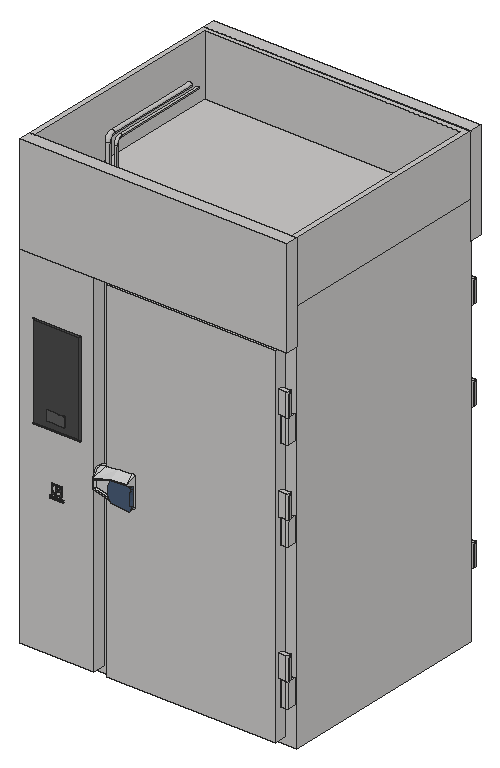
Revit family "QF_ELECTROLUXPROFESSIONAL_727746_EBFB22RPE", category Specialty Equipment, Revit 2018
Family settings
  Round Connector Dimension = Use Radius
  Part Type = Normal
  Work Plane-Based = No
  Always vertical = Yes
  Cut with Voids When Loaded = No
  Shared = Yes
  Room Calculation Point = No
Parameters
  Weight = 0.00 kg
  Watts = 0 W
  Volts = 380 V
  URL Manufacturer = "http://professional.electrolux.com"
  URL = "http://professional.electrolux.com"
  Steam Supply Size = 0"
  Steam Supply Minimum Pressure = 0.00 psi
  Steam Supply Maximum Pressure = 0.00 psi
  Steam Pounds per Hour = 0
  Show Logo [instance] = yes
  Refrigeration Suction Line Size = 0"
  Refrigeration Liquid Line Size = 0"
  Refrigerant Compressor Remote = yes
  Phase = 3
  Model = "EBFB22RPE"
  Manufacturer = "Electrolux"
  Length Actual = 1400 mm  # constant formula
  Item Number = "727746"
  Hot Water Size = 0"
  Height Actual = 2270 mm  # constant formula
  HP = "8.6 HP"
  Gas Size = 0"
  Gas KW = 0
  Gas Input Pressure = 0.0 Btu/h
  Direct Waste Size = 3/4"
  Description = "SKYLINE CHILLS BLAST CHILLER FREEZER 200/170KG 20 GN 2/1 - PASS-THROUGH - REMOTE REFRIGERATING UNIT - R407A"
  Depth Actual = 1395 mm  # constant formula
  Cycle = 60 Hz
  Condensate Return Size = 0"
  Compressed Air Volume = 0 GPM
  Compressed Air Size = 0"
  Compressed Air Pressure = 0.00 psi
  Cold Water Size = 0"
  Assembly Code = ""
  Show Clearance [instance] = yes
  Accessory = yes
Reference planes
  plane 1: z = 0
  plane 2 "LEFT": x = 0
  plane 3 "RIGHT": x = 1400
  plane 4 "FRONT": y = -1205
  plane 5 "TOP": z = 2400
  plane 6 "Center Y": x = 700
  plane 7: y = -2155
  plane 8 "BACK": y = 67
  plane 9: y = -569
Forms (mm)
  Extrusion 1, solid, material "QF_Clearance", visible <- "Show Clearance", detail levels coarse
    sketch origin (0, 0, -70) x (1, 0, 0) y (0, 1, 0)
      loop
        line (0, -1205) -> (0, 67) -> (-100, 67) -> (-100, -1205) -> (0, -1205)
      loop
        line (1500, -1205) -> (1500, 67) -> (1400, 67) -> (1400, -1205) -> (1500, -1205)
    from 70 to 2670
  Extrusion 2, solid, material "QF_Finishes_Stainless Steel"
    sketch origin (349.253, 33, 630.991) x (-1, 0, 0) y (0, -1, 0)
      loop
        line (349.253, 1172.759) -> (349.253, 1238) -> (-39.747, 1238) -> (-39.747, 1172.759) -> (349.253, 1172.759)
    from -597 to 1254
  Extrusion 3, solid, material "QF_Finishes_Stainless Steel"
    sketch origin (596.16, 27.971, -70) x (1, 0, 0) y (0, 1, 0)
      loop
        line (743.84, -1172.971) -> (-141.16, -1172.971) -> (-141.16, -1232.971) -> (743.84, -1232.971) -> (743.84, -1172.971)
    from 103.991 to 1945.25
  Extrusion 4, solid, material "QF_Door-Drawer Clearances", visible <- "Show Clearance", detail levels coarse
    sketch origin (875, -72.029, -91.802) x (-1, 0, 0) y (0, -1, 0)
      loop
        line (-465, 2025.971) -> (-465, 1132.971) -> (420, 1132.971)
        arc (420, 1132.971) -> (153.836, 1754.227) -> (-465, 2025.971) r 920
    from 125.793 to 1967.052
  Extrusion 5, solid, material "QF_Finishes_Stainless Steel"
    sketch origin (0, -1139.759, 0) x (0, 1, 0) y (-1, 0, 0)
      loop
        line (1140.759, 0) -> (0.759, 0) -> (0.759, -1400) -> (1140.759, -1400) -> (1140.759, 0)
    from 0 to 2080
  Extrusion 6, solid, material "QF_Finishes_Stainless Steel"
    sketch origin (0, 0, -70) x (0, 1, 0) y (0, 0, 1)
      loop
        line (-1139, 2470) -> (-1205, 2470) -> (-1205, 1956) -> (-1139, 1956) -> (-1139, 2470)
    from 0 to 1400
  Extrusion 7, solid, material "QF_Finishes_Stainless Steel"
    sketch origin (0, -1139.759, 2080) x (0, 1, 0) y (-1, 0, 0)
      loop
        line (1140.759, 0) -> (0.759, 0) -> (0.759, -27.807) -> (1112.952, -27.807) -> (1112.952, -1372.193) -> (0.759, -1372.193) -> (0.759, -1400) -> (1140.759, -1400) -> (1140.759, 0)
    from 0 to 320
  Extrusion 8, solid, material "QF_Clearance", visible <- "Show Clearance", detail levels coarse
    sketch origin (0, 0, 2400) x (-1, 0, 0) y (0, -1, 0)
      loop
        line (0, 1205) -> (-1400, 1205) -> (-1400, -67.029) -> (0, -67.029) -> (0, 1205)
    from 0 to 200
  Extrusion 9, solid, material "QF_Finishes_Stainless Steel"
    sketch origin (-390.239, -0.977, 1172.559) x (1, 0, 0) y (0, 1, 0)
      loop
        line (1730.239, -1159.557) -> (1730.239, -1186.759) -> (1771.078, -1186.759)
        arc (1771.078, -1186.759) -> (1778.149, -1183.83) -> (1781.078, -1176.759) r 10
        line (1781.078, -1176.759) -> (1781.078, -1169.557)
        arc (1781.078, -1169.557) -> (1778.149, -1162.486) -> (1771.078, -1159.557) r 10
        line (1771.078, -1159.557) -> (1730.239, -1159.557)
    from 398 to 516
  Extrusion 10, solid, material "QF_Finishes_Stainless Steel"
    sketch origin (-388.989, -0.977, 1172.559) x (1, 0, 0) y (0, 1, 0)
      loop
        line (1779.828, -1138.023) -> (1738.215, -1138.023) -> (1738.215, -1176.759)
        arc (1738.215, -1176.759) -> (1741.143, -1183.83) -> (1748.215, -1186.759) r 10
        line (1748.215, -1186.759) -> (1769.828, -1186.759)
        arc (1769.828, -1186.759) -> (1776.899, -1183.83) -> (1779.828, -1176.759) r 10
        line (1779.828, -1176.759) -> (1779.828, -1138.023)
    from 269 to 396
  Extrusion 11, solid, material "QF_Finishes_Handrails and Railings"
    sketch origin (0, -1205, -139.705) x (-1, 0, 0) y (0, 0, 1)
      loop
        arc (-455, 1022.346) -> (-433.392, 1027.289) -> (-413, 1035.976) r 124.815
        arc (-413, 1035.976) -> (-402.037, 1046.425) -> (-398, 1061.023) r 28.412
        line (-398, 1061.023) -> (-398, 1124.287)
        arc (-398, 1124.287) -> (-402.037, 1138.885) -> (-413, 1149.334) r 28.412
        arc (-413, 1149.334) -> (-433.392, 1158.021) -> (-455, 1162.964) r 124.815
        line (-455, 1162.964) -> (-455, 1022.346)
    from 0 to 25
  Extrusion 12, solid, material "QF_Finishes_Stainless Steel"
    sketch origin (0, 67, 2400) x (0, 0, -1) y (-1, 0, 0)
      loop
        circle (190.294, -50.191) r 10
    from -2 to 0
  Extrusion 13, solid
    sketch origin (0, 0, -70) x (1, 0, 0) y (0, 1, 0)
      loop
        circle (271, -895) r 12.7
    from 180 to 190
  Sweep 14, solid, material "QF_Finishes_Stainless Steel"
    path in 3D
      loop
        line (196, -872.727, 2090) -> (196, -872.727, 2314.785)
        arc (196, -872.727, 2314.785) -> (196, -863.94, 2335.999) -> (196, -842.727, 2344.785) r 30
        line (196, -842.727, 2344.785) -> (196, -337, 2344.785)
    profile origin (196, -589.864, 2344.785) x (-1, 0, 0) y (0, 0, 1)
      loop
        circle (0, -0.785) r 11
  Sweep 15, solid, material "QF_Finishes_Stainless Steel"
    path in 3D
      loop
        line (239, -337, 2344) -> (239, -842.727, 2344)
        arc (239, -842.727, 2344) -> (239, -863.94, 2335.213) -> (239, -872.727, 2314) r 30
        line (239, -872.727, 2314) -> (239, -872.727, 2090)
    profile origin (239, -589.864, 2344) x (1, 0, 0) y (0, 0, 1)
      loop
        circle (0, 0) r 6
  Extrusion 16, solid, material "QF_Finishes_Stainless Steel"
    sketch origin (0, -1139.759, 2080) x (0, 1, 0) y (-1, 0, 0)
      loop
        line (272.791, -163.68) -> (262.791, -163.68)
        arc (262.791, -163.68) -> (252.185, -168.074) -> (247.791, -178.68) r 15
        line (247.791, -178.68) -> (247.791, -270.358)
        arc (247.791, -270.358) -> (252.185, -280.965) -> (262.791, -285.358) r 15
        line (262.791, -285.358) -> (272.791, -285.358)
        arc (272.791, -285.358) -> (283.398, -280.965) -> (287.791, -270.358) r 15
        line (287.791, -270.358) -> (287.791, -178.68)
        arc (287.791, -178.68) -> (283.398, -168.074) -> (272.791, -163.68) r 15
    from 0 to 10
  Blend 17, solid, material "QF_Finishes_Handrails and Railings"
    base sketch origin (0, -1205, -139.705) x (1, 0, 0) y (0, 0, 1)
      loop
        arc (455, 1162.964) -> (433.392, 1158.021) -> (413, 1149.334) r 124.815
        arc (413, 1149.334) -> (402.037, 1138.885) -> (398, 1124.287) r 28.412
        line (398, 1124.287) -> (398, 1061.023)
        arc (398, 1061.023) -> (402.037, 1046.425) -> (413, 1035.976) r 28.412
        arc (413, 1035.976) -> (433.392, 1027.289) -> (455, 1022.346) r 124.815
        arc (455, 1022.346) -> (524.77, 1014.896) -> (594.859, 1011.587) r 1185.63
        arc (594.859, 1011.587) -> (600.607, 1013.879) -> (603, 1019.586) r 8
        line (603, 1019.586) -> (603, 1165.724)
        arc (603, 1165.724) -> (600.607, 1171.431) -> (594.859, 1173.723) r 8
        arc (594.859, 1173.723) -> (524.77, 1170.414) -> (455, 1162.964) r 1185.63
    top sketch origin (0, -1205, -139.705) x (1, 0, 0) y (0, 0, 1)
      loop
        line (421, 1108.337) -> (421, 1076.973)
        arc (421, 1076.973) -> (423.295, 1069.915) -> (429.302, 1065.557) r 12
        arc (429.302, 1065.557) -> (515.086, 1044.22) -> (603, 1034.974) r 636.459
        line (603, 1034.974) -> (603, 1150.336)
        arc (603, 1150.336) -> (515.086, 1141.09) -> (429.302, 1119.753) r 636.459
        arc (429.302, 1119.753) -> (423.295, 1115.395) -> (421, 1108.337) r 12
    from 0 to 50
  Blend 18, void
    base sketch origin (0, -1255, -139.705) x (-1, 0, 0) y (0, 0, 1)
      loop
        arc (-430.843, 1114.996) -> (-515.866, 1136.151) -> (-603, 1145.333) r 631.459
        line (-603, 1145.333) -> (-603, 1039.977)
        arc (-603, 1039.977) -> (-515.866, 1049.159) -> (-430.843, 1070.314) r 631.459
        arc (-430.843, 1070.314) -> (-427.339, 1072.856) -> (-426, 1076.973) r 7
        line (-426, 1076.973) -> (-426, 1108.337)
        arc (-426, 1108.337) -> (-427.339, 1112.454) -> (-430.843, 1114.996) r 7
    top sketch origin (0, -1255, -139.705) x (-1, 0, 0) y (0, 0, 1)
      loop
        arc (-432.384, 1110.24) -> (-516.647, 1131.211) -> (-603, 1140.33) r 626.459
        line (-603, 1140.33) -> (-603, 1044.98)
        arc (-603, 1044.98) -> (-516.647, 1054.099) -> (-432.384, 1075.07) r 626.459
        arc (-432.384, 1075.07) -> (-431.382, 1075.797) -> (-431, 1076.973) r 2
        line (-431, 1076.973) -> (-431, 1108.337)
        arc (-431, 1108.337) -> (-431.382, 1109.513) -> (-432.384, 1110.24) r 2
    from 0 to 10
  Blend 19, solid, material "QF_Finishes_Electrolux_Blue"
    base sketch origin (0, -1245, -139.705) x (1, 0, 0) y (0, 0, 1)
      loop
        arc (628.567, 1043.419) -> (622.014, 1092.655) -> (628.567, 1141.89) r 188.232
        arc (628.567, 1141.89) -> (627.358, 1147.991) -> (621.77, 1150.721) r 7
        arc (621.77, 1150.721) -> (572.304, 1148.509) -> (523.16, 1142.458) r 636.459
        arc (523.16, 1142.458) -> (507.711, 1092.655) -> (523.16, 1042.852) r 88
        arc (523.16, 1042.852) -> (572.304, 1036.801) -> (621.77, 1034.589) r 636.459
        arc (621.77, 1034.589) -> (627.358, 1037.319) -> (628.567, 1043.419) r 7
    top sketch origin (0, -1245, -139.705) x (1, 0, 0) y (0, 0, 1)
      loop
        arc (626.748, 1050.703) -> (622.014, 1092.655) -> (626.748, 1134.607) r 188.232
        arc (626.748, 1134.607) -> (625.775, 1138.85) -> (621.845, 1140.722) r 5
        arc (621.845, 1140.722) -> (569.023, 1138.185) -> (516.603, 1131.203) r 626.459
        arc (516.603, 1131.203) -> (507.711, 1092.655) -> (516.603, 1054.107) r 88
        arc (516.603, 1054.107) -> (569.023, 1047.124) -> (621.845, 1044.588) r 626.459
        arc (621.845, 1044.588) -> (625.775, 1046.46) -> (626.748, 1050.703) r 5
    from 20 to 0
  Extrusion 20, solid, material "QF_Finishes_Stainless Steel"
    sketch origin (-390.239, -0.977, 692.559) x (1, 0, 0) y (0, 1, 0)
      loop
        line (1730.239, -1159.557) -> (1730.239, -1186.759) -> (1771.078, -1186.759)
        arc (1771.078, -1186.759) -> (1778.149, -1183.83) -> (1781.078, -1176.759) r 10
        line (1781.078, -1176.759) -> (1781.078, -1169.557)
        arc (1781.078, -1169.557) -> (1778.149, -1162.486) -> (1771.078, -1159.557) r 10
        line (1771.078, -1159.557) -> (1730.239, -1159.557)
    from 398 to 516
  Extrusion 21, solid, material "QF_Finishes_Stainless Steel"
    sketch origin (-388.989, -0.977, 692.559) x (1, 0, 0) y (0, 1, 0)
      loop
        line (1779.828, -1138.023) -> (1738.215, -1138.023) -> (1738.215, -1176.759)
        arc (1738.215, -1176.759) -> (1741.143, -1183.83) -> (1748.215, -1186.759) r 10
        line (1748.215, -1186.759) -> (1769.828, -1186.759)
        arc (1769.828, -1186.759) -> (1776.899, -1183.83) -> (1779.828, -1176.759) r 10
        line (1779.828, -1176.759) -> (1779.828, -1138.023)
    from 269 to 396
  Extrusion 22, solid, material "QF_Finishes_Stainless Steel"
    sketch origin (-390.239, -0.977, -67.441) x (1, 0, 0) y (0, 1, 0)
      loop
        line (1730.239, -1159.557) -> (1730.239, -1186.759) -> (1771.078, -1186.759)
        arc (1771.078, -1186.759) -> (1778.149, -1183.83) -> (1781.078, -1176.759) r 10
        line (1781.078, -1176.759) -> (1781.078, -1169.557)
        arc (1781.078, -1169.557) -> (1778.149, -1162.486) -> (1771.078, -1159.557) r 10
        line (1771.078, -1159.557) -> (1730.239, -1159.557)
    from 398 to 516
  Extrusion 23, solid, material "QF_Finishes_Stainless Steel"
    sketch origin (-388.989, -0.977, -67.441) x (1, 0, 0) y (0, 1, 0)
      loop
        line (1779.828, -1138.023) -> (1738.215, -1138.023) -> (1738.215, -1176.759)
        arc (1738.215, -1176.759) -> (1741.143, -1183.83) -> (1748.215, -1186.759) r 10
        line (1748.215, -1186.759) -> (1769.828, -1186.759)
        arc (1769.828, -1186.759) -> (1776.899, -1183.83) -> (1779.828, -1176.759) r 10
        line (1779.828, -1176.759) -> (1779.828, -1138.023)
    from 269 to 396
  Extrusion 24, solid, material "QF_Door-Drawer Clearances", visible <- "Show Clearance", detail levels coarse
    sketch origin (167.029, -1956.84, -70) x (0, 1, 0) y (-1, 0, 0)
      loop
        line (751.84, -1172.971) -> (-141.16, -1172.971) -> (-141.16, -1232.971) -> (751.84, -1232.971) -> (751.84, -1172.971)
    from 103.991 to 1945.25
  Extrusion 25, solid, material "QF_Door-Drawer Clearances", visible <- "Show Clearance", detail levels coarse
    sketch origin (1400, -2553, -139.705) x (0, -1, 0) y (0, 0, 1)
      loop
        arc (-455, 1022.346) -> (-433.392, 1027.289) -> (-413, 1035.976) r 124.815
        arc (-413, 1035.976) -> (-402.037, 1046.425) -> (-398, 1061.023) r 28.412
        line (-398, 1061.023) -> (-398, 1124.287)
        arc (-398, 1124.287) -> (-402.037, 1138.885) -> (-413, 1149.334) r 28.412
        arc (-413, 1149.334) -> (-433.392, 1158.021) -> (-455, 1162.964) r 124.815
        line (-455, 1162.964) -> (-455, 1022.346)
    from 0 to 25
  Blend 26, solid, material "QF_Door-Drawer Clearances", visible <- "Show Clearance", detail levels coarse
    base sketch origin (1400, -2553, -139.705) x (0, 1, 0) y (0, 0, 1)
      loop
        arc (455, 1162.964) -> (433.392, 1158.021) -> (413, 1149.334) r 124.815
        arc (413, 1149.334) -> (402.037, 1138.885) -> (398, 1124.287) r 28.412
        line (398, 1124.287) -> (398, 1061.023)
        arc (398, 1061.023) -> (402.037, 1046.425) -> (413, 1035.976) r 28.412
        arc (413, 1035.976) -> (433.392, 1027.289) -> (455, 1022.346) r 124.815
        arc (455, 1022.346) -> (524.77, 1014.896) -> (594.859, 1011.587) r 1185.63
        arc (594.859, 1011.587) -> (600.607, 1013.879) -> (603, 1019.586) r 8
        line (603, 1019.586) -> (603, 1165.724)
        arc (603, 1165.724) -> (600.607, 1171.431) -> (594.859, 1173.723) r 8
        arc (594.859, 1173.723) -> (524.77, 1170.414) -> (455, 1162.964) r 1185.63
    top sketch origin (1400, -2553, -139.705) x (0, 1, 0) y (0, 0, 1)
      loop
        line (421, 1108.337) -> (421, 1076.973)
        arc (421, 1076.973) -> (423.295, 1069.915) -> (429.302, 1065.557) r 12
        arc (429.302, 1065.557) -> (515.086, 1044.22) -> (603, 1034.974) r 636.459
        line (603, 1034.974) -> (603, 1150.336)
        arc (603, 1150.336) -> (515.086, 1141.09) -> (429.302, 1119.753) r 636.459
        arc (429.302, 1119.753) -> (423.295, 1115.395) -> (421, 1108.337) r 12
    from 0 to 50
  Blend 27, void
    base sketch origin (1450, -2553, -139.705) x (0, -1, 0) y (0, 0, 1)
      loop
        arc (-430.843, 1114.996) -> (-515.866, 1136.151) -> (-603, 1145.333) r 631.459
        line (-603, 1145.333) -> (-603, 1039.977)
        arc (-603, 1039.977) -> (-515.866, 1049.159) -> (-430.843, 1070.314) r 631.459
        arc (-430.843, 1070.314) -> (-427.339, 1072.856) -> (-426, 1076.973) r 7
        line (-426, 1076.973) -> (-426, 1108.337)
        arc (-426, 1108.337) -> (-427.339, 1112.454) -> (-430.843, 1114.996) r 7
    top sketch origin (1450, -2553, -139.705) x (0, -1, 0) y (0, 0, 1)
      loop
        arc (-432.384, 1110.24) -> (-516.647, 1131.211) -> (-603, 1140.33) r 626.459
        line (-603, 1140.33) -> (-603, 1044.98)
        arc (-603, 1044.98) -> (-516.647, 1054.099) -> (-432.384, 1075.07) r 626.459
        arc (-432.384, 1075.07) -> (-431.382, 1075.797) -> (-431, 1076.973) r 2
        line (-431, 1076.973) -> (-431, 1108.337)
        arc (-431, 1108.337) -> (-431.382, 1109.513) -> (-432.384, 1110.24) r 2
    from 0 to 10
  Blend 28, solid, material "QF_Door-Drawer Clearances", visible <- "Show Clearance", detail levels coarse
    base sketch origin (1440, -2553, -139.705) x (0, 1, 0) y (0, 0, 1)
      loop
        arc (628.567, 1043.419) -> (622.014, 1092.655) -> (628.567, 1141.89) r 188.232
        arc (628.567, 1141.89) -> (627.358, 1147.991) -> (621.77, 1150.721) r 7
        arc (621.77, 1150.721) -> (572.304, 1148.509) -> (523.16, 1142.458) r 636.459
        arc (523.16, 1142.458) -> (507.711, 1092.655) -> (523.16, 1042.852) r 88
        arc (523.16, 1042.852) -> (572.304, 1036.801) -> (621.77, 1034.589) r 636.459
        arc (621.77, 1034.589) -> (627.358, 1037.319) -> (628.567, 1043.419) r 7
    top sketch origin (1440, -2553, -139.705) x (0, 1, 0) y (0, 0, 1)
      loop
        arc (626.748, 1050.703) -> (622.014, 1092.655) -> (626.748, 1134.607) r 188.232
        arc (626.748, 1134.607) -> (625.775, 1138.85) -> (621.845, 1140.722) r 5
        arc (621.845, 1140.722) -> (569.023, 1138.185) -> (516.603, 1131.203) r 626.459
        arc (516.603, 1131.203) -> (507.711, 1092.655) -> (516.603, 1054.107) r 88
        arc (516.603, 1054.107) -> (569.023, 1047.124) -> (621.845, 1044.588) r 626.459
        arc (621.845, 1044.588) -> (625.775, 1046.46) -> (626.748, 1050.703) r 5
    from 20 to -1
  Extrusion 29, solid, material "QF_Finishes_Stainless Steel"
    sketch origin (349.253, -1171, 630.991) x (-1, 0, 0) y (0, -1, 0)
      loop
        line (349.253, -1172.759) -> (-39.747, -1172.759) -> (-39.747, -1238) -> (349.253, -1238) -> (349.253, -1172.759)
    from -597 to 1254
  Extrusion 30, solid, material "QF_Finishes_Stainless Steel"
    sketch origin (596.16, -1165.971, -70) x (1, 0, 0) y (0, 1, 0)
      loop
        line (743.84, 1172.971) -> (743.84, 1232.971) -> (-141.16, 1232.971) -> (-141.16, 1172.971) -> (743.84, 1172.971)
    from 103.991 to 1945.25
  Extrusion 31, solid, material "QF_Door-Drawer Clearances", visible <- "Show Clearance", detail levels coarse
    sketch origin (875, -1065.971, -91.802) x (-1, 0, 0) y (0, -1, 0)
      loop
        arc (-465, -2025.971) -> (153.836, -1754.227) -> (420, -1132.971) r 920
        line (420, -1132.971) -> (-465, -1132.971) -> (-465, -2025.971)
    from 125.793 to 1967.052
  Extrusion 32, solid, material "QF_Finishes_Stainless Steel"
    sketch origin (0, -1138, -70) x (0, -1, 0) y (0, 0, -1)
      loop
        line (-1139, -2470) -> (-1139, -1956) -> (-1205, -1956) -> (-1205, -2470) -> (-1139, -2470)
    from 0 to 1400
  Extrusion 33, solid, material "QF_Finishes_Stainless Steel"
    sketch origin (-390.239, -1137.023, 1172.559) x (1, 0, 0) y (0, 1, 0)
      loop
        line (1730.239, 1159.557) -> (1771.078, 1159.557)
        arc (1771.078, 1159.557) -> (1778.149, 1162.486) -> (1781.078, 1169.557) r 10
        line (1781.078, 1169.557) -> (1781.078, 1176.759)
        arc (1781.078, 1176.759) -> (1778.149, 1183.83) -> (1771.078, 1186.759) r 10
        line (1771.078, 1186.759) -> (1730.239, 1186.759) -> (1730.239, 1159.557)
    from 398 to 516
  Extrusion 34, solid, material "QF_Finishes_Handrails and Railings"
    sketch origin (0, 67, -139.705) x (-1, 0, 0) y (0, 0, -1)
      loop
        line (-455, -1022.346) -> (-455, -1162.964)
        arc (-455, -1162.964) -> (-433.392, -1158.021) -> (-413, -1149.334) r 124.815
        arc (-413, -1149.334) -> (-402.037, -1138.885) -> (-398, -1124.287) r 28.412
        line (-398, -1124.287) -> (-398, -1061.023)
        arc (-398, -1061.023) -> (-402.037, -1046.425) -> (-413, -1035.976) r 28.412
        arc (-413, -1035.976) -> (-433.392, -1027.289) -> (-455, -1022.346) r 124.815
    from 0 to 25
  Blend 35, solid, material "QF_Finishes_Handrails and Railings"
    base sketch origin (0, 67, -139.705) x (1, 0, 0) y (0, 0, -1)
      loop
        arc (455, -1162.964) -> (524.77, -1170.414) -> (594.859, -1173.723) r 1185.63
        arc (594.859, -1173.723) -> (600.607, -1171.431) -> (603, -1165.724) r 8
        line (603, -1165.724) -> (603, -1019.586)
        arc (603, -1019.586) -> (600.607, -1013.879) -> (594.859, -1011.587) r 8
        arc (594.859, -1011.587) -> (524.77, -1014.896) -> (455, -1022.346) r 1185.63
        arc (455, -1022.346) -> (433.392, -1027.289) -> (413, -1035.976) r 124.815
        arc (413, -1035.976) -> (402.037, -1046.425) -> (398, -1061.023) r 28.412
        line (398, -1061.023) -> (398, -1124.287)
        arc (398, -1124.287) -> (402.037, -1138.885) -> (413, -1149.334) r 28.412
        arc (413, -1149.334) -> (433.392, -1158.021) -> (455, -1162.964) r 124.815
    top sketch origin (0, 67, -139.705) x (1, 0, 0) y (0, 0, -1)
      loop
        arc (421, -1108.337) -> (423.295, -1115.395) -> (429.302, -1119.753) r 12
        arc (429.302, -1119.753) -> (515.086, -1141.09) -> (603, -1150.336) r 636.459
        line (603, -1150.336) -> (603, -1034.974)
        arc (603, -1034.974) -> (515.086, -1044.22) -> (429.302, -1065.557) r 636.459
        arc (429.302, -1065.557) -> (423.295, -1069.915) -> (421, -1076.973) r 12
        line (421, -1076.973) -> (421, -1108.337)
    from 0 to 50
  Blend 36, void
    base sketch origin (0, 117, -139.705) x (-1, 0, 0) y (0, 0, -1)
      loop
        arc (-430.843, -1114.996) -> (-427.339, -1112.454) -> (-426, -1108.337) r 7
        line (-426, -1108.337) -> (-426, -1076.973)
        arc (-426, -1076.973) -> (-427.339, -1072.856) -> (-430.843, -1070.314) r 7
        arc (-430.843, -1070.314) -> (-515.866, -1049.159) -> (-603, -1039.977) r 631.459
        line (-603, -1039.977) -> (-603, -1145.333)
        arc (-603, -1145.333) -> (-515.866, -1136.151) -> (-430.843, -1114.996) r 631.459
    top sketch origin (0, 117, -139.705) x (-1, 0, 0) y (0, 0, -1)
      loop
        arc (-432.384, -1110.24) -> (-431.382, -1109.513) -> (-431, -1108.337) r 2
        line (-431, -1108.337) -> (-431, -1076.973)
        arc (-431, -1076.973) -> (-431.382, -1075.797) -> (-432.384, -1075.07) r 2
        arc (-432.384, -1075.07) -> (-516.647, -1054.099) -> (-603, -1044.98) r 626.459
        line (-603, -1044.98) -> (-603, -1140.33)
        arc (-603, -1140.33) -> (-516.647, -1131.211) -> (-432.384, -1110.24) r 626.459
    from 0 to 10
  Blend 37, solid, material "QF_Finishes_Electrolux_Blue"
    base sketch origin (0, 107, -139.705) x (1, 0, 0) y (0, 0, -1)
      loop
        arc (628.567, -1043.419) -> (627.358, -1037.319) -> (621.77, -1034.589) r 7
        arc (621.77, -1034.589) -> (572.304, -1036.801) -> (523.16, -1042.852) r 636.459
        arc (523.16, -1042.852) -> (507.711, -1092.655) -> (523.16, -1142.458) r 88
        arc (523.16, -1142.458) -> (572.304, -1148.509) -> (621.77, -1150.721) r 636.459
        arc (621.77, -1150.721) -> (627.358, -1147.991) -> (628.567, -1141.89) r 7
        arc (628.567, -1141.89) -> (622.014, -1092.655) -> (628.567, -1043.419) r 188.232
    top sketch origin (0, 107, -139.705) x (1, 0, 0) y (0, 0, -1)
      loop
        arc (626.748, -1050.703) -> (625.775, -1046.46) -> (621.845, -1044.588) r 5
        arc (621.845, -1044.588) -> (569.023, -1047.124) -> (516.603, -1054.107) r 626.459
        arc (516.603, -1054.107) -> (507.711, -1092.655) -> (516.603, -1131.203) r 88
        arc (516.603, -1131.203) -> (569.023, -1138.185) -> (621.845, -1140.722) r 626.459
        arc (621.845, -1140.722) -> (625.775, -1138.85) -> (626.748, -1134.607) r 5
        arc (626.748, -1134.607) -> (622.014, -1092.655) -> (626.748, -1050.703) r 188.232
    from 20 to 0
  Extrusion 38, solid, material "QF_Finishes_Stainless Steel"
    sketch origin (-390.239, -1137.023, 692.559) x (1, 0, 0) y (0, 1, 0)
      loop
        line (1730.239, 1159.557) -> (1771.078, 1159.557)
        arc (1771.078, 1159.557) -> (1778.149, 1162.486) -> (1781.078, 1169.557) r 10
        line (1781.078, 1169.557) -> (1781.078, 1176.759)
        arc (1781.078, 1176.759) -> (1778.149, 1183.83) -> (1771.078, 1186.759) r 10
        line (1771.078, 1186.759) -> (1730.239, 1186.759) -> (1730.239, 1159.557)
    from 398 to 516
  Extrusion 39, solid, material "QF_Finishes_Stainless Steel"
    sketch origin (-390.239, -1137.023, -67.441) x (1, 0, 0) y (0, 1, 0)
      loop
        line (1730.239, 1159.557) -> (1771.078, 1159.557)
        arc (1771.078, 1159.557) -> (1778.149, 1162.486) -> (1781.078, 1169.557) r 10
        line (1781.078, 1169.557) -> (1781.078, 1176.759)
        arc (1781.078, 1176.759) -> (1778.149, 1183.83) -> (1771.078, 1186.759) r 10
        line (1771.078, 1186.759) -> (1730.239, 1186.759) -> (1730.239, 1159.557)
    from 398 to 516
  Extrusion 40, solid, material "QF_Door-Drawer Clearances", visible <- "Show Clearance", detail levels coarse
    sketch origin (167.029, 818.84, -70) x (0, -1, 0) y (1, 0, 0)
      loop
        line (751.84, 1172.971) -> (751.84, 1232.971) -> (-141.16, 1232.971) -> (-141.16, 1172.971) -> (751.84, 1172.971)
    from 103.991 to 1945.25
  Extrusion 41, solid, material "QF_Door-Drawer Clearances", visible <- "Show Clearance", detail levels coarse
    sketch origin (1400, 1415, -139.705) x (0, 1, 0) y (0, 0, -1)
      loop
        line (-455, -1022.346) -> (-455, -1162.964)
        arc (-455, -1162.964) -> (-433.392, -1158.021) -> (-413, -1149.334) r 124.815
        arc (-413, -1149.334) -> (-402.037, -1138.885) -> (-398, -1124.287) r 28.412
        line (-398, -1124.287) -> (-398, -1061.023)
        arc (-398, -1061.023) -> (-402.037, -1046.425) -> (-413, -1035.976) r 28.412
        arc (-413, -1035.976) -> (-433.392, -1027.289) -> (-455, -1022.346) r 124.815
    from 0 to 25
  Blend 42, solid, material "QF_Door-Drawer Clearances", visible <- "Show Clearance", detail levels coarse
    base sketch origin (1400, 1415, -139.705) x (0, -1, 0) y (0, 0, -1)
      loop
        arc (455, -1162.964) -> (524.77, -1170.414) -> (594.859, -1173.723) r 1185.63
        arc (594.859, -1173.723) -> (600.607, -1171.431) -> (603, -1165.724) r 8
        line (603, -1165.724) -> (603, -1019.586)
        arc (603, -1019.586) -> (600.607, -1013.879) -> (594.859, -1011.587) r 8
        arc (594.859, -1011.587) -> (524.77, -1014.896) -> (455, -1022.346) r 1185.63
        arc (455, -1022.346) -> (433.392, -1027.289) -> (413, -1035.976) r 124.815
        arc (413, -1035.976) -> (402.037, -1046.425) -> (398, -1061.023) r 28.412
        line (398, -1061.023) -> (398, -1124.287)
        arc (398, -1124.287) -> (402.037, -1138.885) -> (413, -1149.334) r 28.412
        arc (413, -1149.334) -> (433.392, -1158.021) -> (455, -1162.964) r 124.815
    top sketch origin (1400, 1415, -139.705) x (0, -1, 0) y (0, 0, -1)
      loop
        arc (421, -1108.337) -> (423.295, -1115.395) -> (429.302, -1119.753) r 12
        arc (429.302, -1119.753) -> (515.086, -1141.09) -> (603, -1150.336) r 636.459
        line (603, -1150.336) -> (603, -1034.974)
        arc (603, -1034.974) -> (515.086, -1044.22) -> (429.302, -1065.557) r 636.459
        arc (429.302, -1065.557) -> (423.295, -1069.915) -> (421, -1076.973) r 12
        line (421, -1076.973) -> (421, -1108.337)
    from 0 to 50
  Blend 43, void
    base sketch origin (1450, 1415, -139.705) x (0, 1, 0) y (0, 0, -1)
      loop
        arc (-430.843, -1114.996) -> (-427.339, -1112.454) -> (-426, -1108.337) r 7
        line (-426, -1108.337) -> (-426, -1076.973)
        arc (-426, -1076.973) -> (-427.339, -1072.856) -> (-430.843, -1070.314) r 7
        arc (-430.843, -1070.314) -> (-515.866, -1049.159) -> (-603, -1039.977) r 631.459
        line (-603, -1039.977) -> (-603, -1145.333)
        arc (-603, -1145.333) -> (-515.866, -1136.151) -> (-430.843, -1114.996) r 631.459
    top sketch origin (1450, 1415, -139.705) x (0, 1, 0) y (0, 0, -1)
      loop
        arc (-432.384, -1110.24) -> (-431.382, -1109.513) -> (-431, -1108.337) r 2
        line (-431, -1108.337) -> (-431, -1076.973)
        arc (-431, -1076.973) -> (-431.382, -1075.797) -> (-432.384, -1075.07) r 2
        arc (-432.384, -1075.07) -> (-516.647, -1054.099) -> (-603, -1044.98) r 626.459
        line (-603, -1044.98) -> (-603, -1140.33)
        arc (-603, -1140.33) -> (-516.647, -1131.211) -> (-432.384, -1110.24) r 626.459
    from 0 to 10
  Blend 44, solid, material "QF_Door-Drawer Clearances", visible <- "Show Clearance", detail levels coarse
    base sketch origin (1440, 1415, -139.705) x (0, -1, 0) y (0, 0, -1)
      loop
        arc (628.567, -1043.419) -> (627.358, -1037.319) -> (621.77, -1034.589) r 7
        arc (621.77, -1034.589) -> (572.304, -1036.801) -> (523.16, -1042.852) r 636.459
        arc (523.16, -1042.852) -> (507.711, -1092.655) -> (523.16, -1142.458) r 88
        arc (523.16, -1142.458) -> (572.304, -1148.509) -> (621.77, -1150.721) r 636.459
        arc (621.77, -1150.721) -> (627.358, -1147.991) -> (628.567, -1141.89) r 7
        arc (628.567, -1141.89) -> (622.014, -1092.655) -> (628.567, -1043.419) r 188.232
    top sketch origin (1440, 1415, -139.705) x (0, -1, 0) y (0, 0, -1)
      loop
        arc (626.748, -1050.703) -> (625.775, -1046.46) -> (621.845, -1044.588) r 5
        arc (621.845, -1044.588) -> (569.023, -1047.124) -> (516.603, -1054.107) r 626.459
        arc (516.603, -1054.107) -> (507.711, -1092.655) -> (516.603, -1131.203) r 88
        arc (516.603, -1131.203) -> (569.023, -1138.185) -> (621.845, -1140.722) r 626.459
        arc (621.845, -1140.722) -> (625.775, -1138.85) -> (626.748, -1134.607) r 5
        arc (626.748, -1134.607) -> (622.014, -1092.655) -> (626.748, -1050.703) r 188.232
    from 20 to -1
Cuts and joins
  Blend 36 cuts Extrusion 11
  Blend 18, Blend 36 cuts Blend 17
  joined: Extrusion 11, Blend 17
  Blend 18, Blend 36, Blend 43 cuts Extrusion 4
  Blend 36, Blend 43 cuts Extrusion 24
  Blend 36, Blend 43 cuts Extrusion 25
  Blend 27, Blend 36, Blend 43 cuts Blend 26
  Blend 27, Blend 36, Blend 43 cuts Blend 28
  joined: Extrusion 4, Extrusion 24, Extrusion 25, Blend 26, Blend 28
  joined: Extrusion 7, Extrusion 12
  joined: Extrusion 5, Extrusion 10, Sweep 14, Sweep 15, Extrusion 16, Extrusion 21, Extrusion 23
  joined: Extrusion 3, Extrusion 9, Extrusion 20, Extrusion 22
  joined: Extrusion 1, Extrusion 8
  Blend 36 cuts Extrusion 31
  Blend 43 cuts Blend 42
  Blend 43 cuts Blend 44
  joined: Extrusion 31, Extrusion 40, Extrusion 41, Blend 42, Blend 44
  Blend 36 cuts Blend 35
Lines and regions (mm)
  symbolic lines, style "QF-Clearances", visible <- "Show Clearance", detail levels coarse
    curve 1: line (-100, -1204.241, 70) -> (-100, 66.241, 70)
    curve 2: line (1500, 66.241, 0) -> (1500, -1204.241, 0)
  symbolic lines
    curve 3: line (185, -336.968, 0) -> (207, -336.968, 0)
    curve 4: line (207, -336.968, 0) -> (207, -871.942, 0)
    curve 5: line (233, -872.727, 0) -> (233, -337, 0)
    curve 6: line (233, -337, 0) -> (245, -337, 0)
    curve 7: line (245, -337, 0) -> (245, -872.727, 0)
    curve 8: line (245, -851.968, 0) -> (270.358, -851.968, 0)
    curve 9: arc (285.358, -866.968, 0) -> (280.965, -856.361, 0) -> (270.358, -851.968, 0) r 15
    curve 10: line (285.358, -876.968, 0) -> (285.358, -866.968, 0)
    curve 11: arc (270.358, -891.968, 0) -> (280.965, -887.575, 0) -> (285.358, -876.968, 0) r 15
    curve 12: line (178.68, -891.968, 0) -> (270.358, -891.968, 0)
    curve 13: arc (163.68, -876.968, 0) -> (168.074, -887.575, 0) -> (178.68, -891.968, 0) r 15
    curve 14: line (163.68, -866.968, 0) -> (163.68, -876.968, 0)
    curve 15: arc (178.68, -851.968, 0) -> (168.074, -856.361, 0) -> (163.68, -866.968, 0) r 15
    curve 16: arc (207, -871.942, 0) -> (196, -882.942, 0) -> (185, -871.942, 0) r 11
    curve 17: arc (233, -872.727, 0) -> (239, -878.727, 0) -> (245, -872.727, 0) r 6
    curve 18: line (178.68, -851.968, 0) -> (185, -851.968, 0)
    curve 19: line (185, -336.968, 0) -> (185, -871.942, 0)
    curve 20: line (207, -851.968, 0) -> (233, -851.968, 0)
    curve 21: line (0, 1, 0) -> (1400, 1, 0)
    curve 22: line (0, -1205, 0) -> (0, 67, 0)
    curve 23: line (1400, -1205, 0) -> (0, -1205, 0)
    curve 24: line (1400, 67, 0) -> (1400, -1205, 0)
    curve 25: line (27.807, -26.807, 0) -> (1372.193, -26.807, 0)
    curve 26: line (27.807, -1139, 0) -> (27.807, -26.807, 0)
    curve 27: line (1400, -1139, 0) -> (0, -1139, 0)
    curve 28: line (1372.193, -26.807, 0) -> (1372.193, -1139, 0)
    curve 29: line (75.5, -1210, 0) -> (313.5, -1210, 0)
    curve 30: line (75.5, -1210, 0) -> (67.5, -1205, 0)
    curve 31: line (313.5, -1210, 0) -> (321.5, -1205, 0)
    curve 32: line (421, -1255, 0) -> (398, -1205, 0)
    curve 33: line (421, -1255, 0) -> (603, -1255, 0)
    curve 34: line (603, -1255, 0) -> (603, -1205, 0)
    curve 35: line (603, -1245, 0) -> (626.748, -1245, 0)
    curve 36: line (626.748, -1245, 0) -> (628.811, -1265, 0)
    curve 37: line (628.811, -1265, 0) -> (507.711, -1265, 0)
    curve 38: line (507.711, -1265, 0) -> (507.711, -1255, 0)
    curve 58: line (1400, 67, 0) -> (0, 67, 0)
    curve 59: line (1400, 1, 0) -> (0, 1, 0)
    curve 60: line (421, 117, 0) -> (398, 67, 0)
    curve 61: line (421, 117, 0) -> (603, 117, 0)
    curve 62: line (603, 117, 0) -> (603, 67, 0)
    curve 63: line (603, 107, 0) -> (626.748, 107, 0)
    curve 64: line (626.748, 107, 0) -> (628.811, 127, 0)
    curve 65: line (628.811, 127, 0) -> (507.711, 127, 0)
    curve 66: line (507.711, 127, 0) -> (507.711, 117, 0)
  symbolic lines, style "QF_Door-Drawer Clearances", visible <- "Show Clearance"
    curve 39: line (1450, -2132, 0) -> (1400, -2155, 0)
    curve 40: line (1450, -2132, 0) -> (1450, -1950, 0)
    curve 41: line (1450, -1950, 0) -> (1400, -1950, 0)
    curve 42: line (1439, -1950, 0) -> (1439, -1926.126, 0)
    curve 43: line (1439, -1926.126, 0) -> (1460, -1924.189, 0)
    curve 44: line (1460, -1924.189, 0) -> (1460, -2045.289, 0)
    curve 45: line (1460, -2045.289, 0) -> (1450, -2045.289, 0)
    curve 46: line (1375, -2098, 0) -> (1375, -2155, 0)
    curve 47: line (1340, -2098, 0) -> (1400, -2098, 0)
    curve 48: arc (457.796, -1255, 0) -> (739.031, -1843.801, 0) -> (1340, -2098, 0) r 920
    curve 49: line (1400, -2155, 0) -> (1375, -2155, 0)
    curve 50: line (1400, -2098, 0) -> (1400, -1205, 0)
    curve 57: line (1340, -2098, 0) -> (1340, -1205, 0)
    curve 67: arc (457.796, 117, 0) -> (739.031, 705.801, 0) -> (1340, 960, 0) r 920
    curve 68: line (1400, 960, 0) -> (1400, 67, 0)
    curve 69: line (1340, 960, 0) -> (1340, 67, 0)
    curve 70: line (1340, 960, 70) -> (1400, 960, 70)
    curve 71: line (1450, 994, 0) -> (1400, 1017, 0)
    curve 72: line (1450, 994, 0) -> (1450, 812, 0)
    curve 73: line (1450, 812, 0) -> (1400, 812, 0)
    curve 74: line (1439, 812, 0) -> (1439, 788.126, 0)
    curve 75: line (1439, 788.126, 0) -> (1460, 786.189, 0)
    curve 76: line (1460, 786.189, 0) -> (1460, 907.289, 0)
    curve 77: line (1460, 907.289, 0) -> (1450, 907.289, 0)
    curve 78: line (1375, 960, 0) -> (1375, 1017, 0)
    curve 79: line (1340, 960, 0) -> (1375, 960, 0)
    curve 80: line (1400, 1017, 0) -> (1375, 1017, 0)
  sketch lines
    curve 51: line (196, -842.727, 2344.785) -> (196, -337, 2344.785)
    curve 52: arc (196, -872.727, 2314.785) -> (196, -863.94, 2335.999) -> (196, -842.727, 2344.785) r 30
    curve 53: line (196, -872.727, 2090) -> (196, -872.727, 2314.785)
    curve 54: line (239, -337, 2344) -> (239, -842.727, 2344)
    curve 55: arc (239, -842.727, 2344) -> (239, -863.94, 2335.213) -> (239, -872.727, 2314) r 30
    curve 56: line (239, -872.727, 2314) -> (239, -872.727, 2090)
Dimensions and locks
  plane 5 "TOP" to level = 2400 mm
  plane 3 "RIGHT" to plane 2 "LEFT" = 1400 mm
  plane 2 "LEFT" to plane 3 "RIGHT" = 1400 mm
  equal spacing: plane 2 "LEFT", plane 6 "Center Y", plane 3 "RIGHT"
  equal spacing: plane 4 "FRONT", plane 9, plane 8 "BACK"
  plane 4 "FRONT" to plane 8 "BACK" = 1272 mm
  aligned and locked: level to plane 1
Automatic sketch dimensions
  plane 4 "FRONT" to Extrusion 1 sketch curve = 0 mm  (x2)
  plane 8 "BACK" to Extrusion 1 sketch curve = 0 mm  (x2)
  Extrusion 1 sketch curve to plane 2 "LEFT" = 0 mm
  Extrusion 1 sketch curve to plane 3 "RIGHT" = 0 mm
  Extrusion 1 sketch curve to plane 2 "LEFT" = 100 mm
  plane 3 "RIGHT" to Extrusion 1 sketch curve = 100 mm
  plane 4 "FRONT" to Extrusion 2 sketch curve = 0 mm
  Extrusion 2 sketch curve to plane 2 "LEFT" = 0 mm
  plane 6 "Center Y" to Extrusion 2 sketch curve = 311 mm
  Extrusion 2 sketch curve to plane 4 "FRONT" = 65.241 mm
  plane 4 "FRONT" to Extrusion 3 sketch curve = 0 mm
  Extrusion 3 sketch curve to plane 4 "FRONT" = 60 mm
  plane 6 "Center Y" to Extrusion 3 sketch curve = 245 mm
  Extrusion 3 sketch curve to plane 3 "RIGHT" = 60 mm
  plane 4 "FRONT" to Extrusion 4 sketch curve = 0 mm
  Extrusion 4 sketch curve to plane 3 "RIGHT" = 25.377 mm
  Extrusion 4 sketch curve to Extrusion 4 sketch curve = 34.623 mm
  plane 6 "Center Y" to Extrusion 4 sketch curve = 245 mm
  Extrusion 4 sketch curve to plane 4 "FRONT" = 26.348 mm
  Extrusion 5 sketch curve to plane 2 "LEFT" = 0 mm
  Extrusion 5 sketch curve to plane 3 "RIGHT" = 0 mm
  Extrusion 5 sketch curve to plane 4 "FRONT" = 66 mm
  plane 8 "BACK" to Extrusion 5 sketch curve = 66 mm
  Extrusion 6 sketch curve to plane 4 "FRONT" = 0 mm
  Extrusion 6 sketch curve to plane 5 "TOP" = 0 mm
  Extrusion 6 sketch curve to Extrusion 6 sketch curve = 66 mm
  Extrusion 6 sketch curve to Extrusion 6 sketch curve = 514 mm
  Extrusion 5 to Extrusion 7 sketch curve = 0 mm
  Extrusion 7 sketch curve to Extrusion 5 = 0 mm  (x4)
  Extrusion 7 sketch curve to Extrusion 5 = 27.807 mm  (x3)
  Extrusion 8 sketch curve to plane 3 "RIGHT" = 0 mm
  Extrusion 8 sketch curve to plane 2 "LEFT" = 0 mm
  plane 4 "FRONT" to Extrusion 8 sketch curve = 0 mm
  Extrusion 8 sketch curve to plane 8 "BACK" = 0.029 mm
  Extrusion 9 sketch curve to plane 4 "FRONT" = 17.264 mm
  Extrusion 9 sketch curve to plane 3 "RIGHT" = 60 mm
  Extrusion 9 sketch curve to plane 3 "RIGHT" = 19.161 mm
  Extrusion 9 sketch curve to Extrusion 9 sketch curve = 0 mm
  Extrusion 9 sketch curve to plane 3 "RIGHT" = 9.161 mm
  Extrusion 9 sketch curve to Extrusion 9 sketch curve = 7.202 mm
  Extrusion 10 sketch curve to plane 4 "FRONT" = 27.264 mm
  Extrusion 10 sketch curve to plane 3 "RIGHT" = 50.775 mm
  Extrusion 10 sketch curve to Extrusion 10 sketch curve = 10 mm
  Extrusion 10 sketch curve to plane 3 "RIGHT" = 19.161 mm
  Extrusion 10 sketch curve to plane 3 "RIGHT" = 9.161 mm
  Extrusion 10 sketch curve to Extrusion 10 sketch curve = 38.736 mm
  plane 6 "Center Y" to Extrusion 11 sketch curve = 228.081 mm
  Extrusion 11 sketch curve to Extrusion 11 sketch curve = 0 mm
  Extrusion 11 sketch curve to Extrusion 11 sketch curve = 16.919 mm
  Extrusion 11 sketch curve to Extrusion 11 sketch curve = 28.588 mm  (x2)
  Extrusion 11 sketch curve to Extrusion 11 sketch curve = 28.412 mm
  level to Extrusion 11 sketch curve = 882.641 mm
  Extrusion 11 sketch curve to Extrusion 11 sketch curve = 16.954 mm  (x2)
  Extrusion 11 sketch curve to Extrusion 11 sketch curve = 38.676 mm
  Extrusion 11 sketch curve to Extrusion 11 sketch curve = 63.265 mm
  Extrusion 11 sketch curve to Extrusion 11 sketch curve = 21.722 mm
  plane 2 "LEFT" to Extrusion 13 sketch curve = 271 mm
  Extrusion 13 sketch curve to plane 4 "FRONT" = 310 mm
  Sweep 14 sketch curve to profile plane = 0 mm
  Sweep 14 sketch curve to profile plane = 0.785 mm
  profile plane to Sweep 15 sketch curve = 0 mm
  Sweep 15 sketch curve to profile plane = 0 mm
  Extrusion 16 sketch curve to Extrusion 5 = 247.032 mm
  Extrusion 16 sketch curve to Extrusion 16 sketch curve = 15 mm  (x3)
  Extrusion 16 sketch curve to Extrusion 16 sketch curve = 10 mm  (x2)
  Extrusion 16 sketch curve to Extrusion 5 = 285.358 mm
  Extrusion 16 sketch curve to Extrusion 16 sketch curve = 91.678 mm
  Blend 17 sketch curve to Extrusion 11 = 0 mm  (x4)
  Blend 17 sketch curve to Extrusion 11 = 28.412 mm
  Blend 17 sketch curve to Blend 17 sketch curve = 123.081 mm  (x2)
  Blend 17 sketch curve to Blend 17 sketch curve = 8 mm
  Extrusion 11 to Blend 17 sketch curve = 160.712 mm  (x2)
  Blend 17 sketch curve to Blend 17 sketch curve = 19.715 mm  (x2)
  Blend 17 sketch curve to Blend 17 sketch curve = 38.676 mm
  Blend 17 sketch curve to Extrusion 11 = 23 mm
  Blend 17 sketch curve to Blend 17 sketch curve = 12 mm  (x2)
  Extrusion 11 to Blend 17 sketch curve = 148 mm
  Extrusion 11 to Blend 17 sketch curve = 170.45 mm  (x2)
  Blend 17 sketch curve to Blend 17 sketch curve = 520.701 mm  (x2)
  Blend 17 sketch curve to Blend 17 sketch curve = 41.999 mm
  Blend 17 sketch curve to Blend 17 sketch curve = 31.364 mm
  Blend 17 sketch curve to Blend 17 sketch curve = 115.362 mm
  Blend 17 to Blend 18 sketch curve = 0 mm  (x2)
  Blend 18 sketch curve to Blend 18 sketch curve = 7 mm
  Blend 18 sketch curve to Blend 18 sketch curve = 31.364 mm  (x2)
  Blend 18 sketch curve to Blend 18 sketch curve = 2 mm
  Blend 18 to Blend 19 sketch curve = 18.811 mm  (x2)
  Blend 19 sketch curve to Blend 18 = 7.289 mm  (x2)
  Blend 19 sketch curve to Blend 19 sketch curve = 188.435 mm
  Blend 19 sketch curve to Blend 19 sketch curve = 7 mm  (x2)
  Blend 19 sketch curve to Blend 19 sketch curve = 51.066 mm  (x2)
  Blend 19 sketch curve to Blend 19 sketch curve = 0 mm  (x6)
  Blend 19 sketch curve to Blend 18 = 79.84 mm
  Blend 18 to Blend 19 sketch curve = 18.874 mm  (x2)
  Blend 19 sketch curve to Blend 19 sketch curve = 188.371 mm
  Blend 19 sketch curve to Blend 19 sketch curve = 5 mm  (x2)
  Blend 19 sketch curve to Blend 19 sketch curve = 43.067 mm  (x2)
  Blend 19 sketch curve to Blend 18 = 85.603 mm
  Extrusion 20 sketch curve to plane 4 "FRONT" = 17.264 mm
  Extrusion 20 sketch curve to plane 3 "RIGHT" = 60 mm
  Extrusion 20 sketch curve to plane 3 "RIGHT" = 19.161 mm
  Extrusion 20 sketch curve to Extrusion 20 sketch curve = 0 mm
  Extrusion 20 sketch curve to plane 3 "RIGHT" = 9.161 mm
  Extrusion 20 sketch curve to Extrusion 20 sketch curve = 7.202 mm
  Extrusion 21 sketch curve to plane 4 "FRONT" = 27.264 mm
  Extrusion 21 sketch curve to plane 3 "RIGHT" = 50.775 mm
  Extrusion 21 sketch curve to Extrusion 21 sketch curve = 10 mm
  Extrusion 21 sketch curve to plane 3 "RIGHT" = 19.161 mm
  Extrusion 21 sketch curve to plane 3 "RIGHT" = 9.161 mm
  Extrusion 21 sketch curve to Extrusion 21 sketch curve = 38.736 mm
  Extrusion 22 sketch curve to plane 4 "FRONT" = 17.264 mm
  Extrusion 22 sketch curve to plane 3 "RIGHT" = 60 mm
  Extrusion 22 sketch curve to plane 3 "RIGHT" = 19.161 mm
  Extrusion 22 sketch curve to Extrusion 22 sketch curve = 0 mm
  Extrusion 22 sketch curve to plane 3 "RIGHT" = 9.161 mm
  Extrusion 22 sketch curve to Extrusion 22 sketch curve = 7.202 mm
  Extrusion 23 sketch curve to plane 4 "FRONT" = 27.264 mm
  Extrusion 23 sketch curve to plane 3 "RIGHT" = 50.775 mm
  Extrusion 23 sketch curve to Extrusion 23 sketch curve = 10 mm
  Extrusion 23 sketch curve to plane 3 "RIGHT" = 19.161 mm
  Extrusion 23 sketch curve to plane 3 "RIGHT" = 9.161 mm
  Extrusion 23 sketch curve to Extrusion 23 sketch curve = 38.736 mm
  Extrusion 24 sketch curve to plane 3 "RIGHT" = 0 mm
  plane 4 "FRONT" to Extrusion 24 sketch curve = 0 mm
  Extrusion 24 sketch curve to plane 7 = 57 mm
  Extrusion 24 sketch curve to plane 3 "RIGHT" = 60 mm
  Extrusion 25 sketch curve to plane 7 = 0 mm
  Extrusion 25 sketch curve to Extrusion 25 sketch curve = 28.412 mm  (x2)
  Extrusion 25 sketch curve to Extrusion 25 sketch curve = 28.588 mm
  Extrusion 25 sketch curve to Extrusion 25 sketch curve = 16.919 mm  (x2)
  level to Extrusion 25 sketch curve = 882.641 mm
  Extrusion 25 sketch curve to Extrusion 25 sketch curve = 16.954 mm  (x2)
  Extrusion 25 sketch curve to Extrusion 25 sketch curve = 38.676 mm
  Extrusion 25 sketch curve to Extrusion 25 sketch curve = 63.265 mm
  Extrusion 25 sketch curve to Extrusion 25 sketch curve = 21.722 mm
  Blend 26 sketch curve to Extrusion 25 = 0 mm  (x4)
  Blend 26 sketch curve to Extrusion 25 = 28.412 mm
  Blend 26 sketch curve to Blend 26 sketch curve = 123.081 mm  (x2)
  Blend 26 sketch curve to Blend 26 sketch curve = 8 mm
  Extrusion 25 to Blend 26 sketch curve = 160.712 mm  (x2)
  Blend 26 sketch curve to Blend 26 sketch curve = 19.715 mm  (x2)
  Blend 26 sketch curve to Blend 26 sketch curve = 38.676 mm
  Blend 26 sketch curve to Extrusion 25 = 23 mm
  Blend 26 sketch curve to Blend 26 sketch curve = 12 mm  (x2)
  Extrusion 25 to Blend 26 sketch curve = 148 mm
  Extrusion 25 to Blend 26 sketch curve = 170.45 mm  (x2)
  Blend 26 sketch curve to Blend 26 sketch curve = 520.701 mm  (x2)
  Blend 26 sketch curve to Blend 26 sketch curve = 41.999 mm
  Blend 26 sketch curve to Blend 26 sketch curve = 31.364 mm
  Blend 26 sketch curve to Blend 26 sketch curve = 115.362 mm
  Blend 27 sketch curve to Blend 26 = 0 mm  (x2)
  Blend 27 sketch curve to Blend 27 sketch curve = 7 mm
  Blend 27 sketch curve to Blend 27 sketch curve = 31.364 mm  (x2)
  Blend 27 sketch curve to Blend 27 sketch curve = 2 mm
  Blend 27 to Blend 28 sketch curve = 18.811 mm  (x2)
  Blend 28 sketch curve to Blend 27 = 7.289 mm  (x2)
  Blend 28 sketch curve to Blend 28 sketch curve = 188.435 mm
  Blend 28 sketch curve to Blend 28 sketch curve = 7 mm  (x2)
  Blend 28 sketch curve to Blend 28 sketch curve = 51.066 mm  (x2)
  Blend 28 sketch curve to Blend 28 sketch curve = 0 mm  (x6)
  Blend 28 sketch curve to Blend 27 = 79.84 mm
  Blend 27 to Blend 28 sketch curve = 18.874 mm  (x2)
  Blend 28 sketch curve to Blend 28 sketch curve = 188.371 mm
  Blend 28 sketch curve to Blend 28 sketch curve = 5 mm  (x2)
  Blend 28 sketch curve to Blend 28 sketch curve = 43.067 mm  (x2)
  Blend 28 sketch curve to Blend 27 = 85.603 mm
  plane 8 "BACK" to Extrusion 29 sketch curve = 0 mm
  Extrusion 29 sketch curve to plane 2 "LEFT" = 0 mm
  plane 6 "Center Y" to Extrusion 29 sketch curve = 311 mm
  Extrusion 29 sketch curve to Extrusion 29 sketch curve = 65.241 mm
  plane 8 "BACK" to Extrusion 30 sketch curve = 0 mm
  plane 8 "BACK" to Extrusion 30 sketch curve = 60 mm
  plane 6 "Center Y" to Extrusion 30 sketch curve = 245 mm
  Extrusion 30 sketch curve to plane 3 "RIGHT" = 60 mm
  plane 8 "BACK" to Extrusion 31 sketch curve = 0 mm
  Extrusion 31 sketch curve to plane 3 "RIGHT" = 25.377 mm
  Extrusion 31 sketch curve to Extrusion 31 sketch curve = 34.623 mm
  plane 6 "Center Y" to Extrusion 31 sketch curve = 245 mm
  Extrusion 31 sketch curve to plane 8 "BACK" = 893 mm
  Extrusion 32 sketch curve to plane 8 "BACK" = 0 mm
  Extrusion 32 sketch curve to plane 5 "TOP" = 0 mm
  Extrusion 32 sketch curve to Extrusion 32 sketch curve = 66 mm
  Extrusion 32 sketch curve to Extrusion 32 sketch curve = 514 mm
  plane 8 "BACK" to Extrusion 33 sketch curve = 17.264 mm
  Extrusion 33 sketch curve to plane 3 "RIGHT" = 60 mm
  Extrusion 33 sketch curve to plane 3 "RIGHT" = 19.161 mm
  Extrusion 33 sketch curve to Extrusion 33 sketch curve = 0 mm
  Extrusion 33 sketch curve to plane 3 "RIGHT" = 9.161 mm
  Extrusion 33 sketch curve to Extrusion 33 sketch curve = 7.202 mm
  plane 6 "Center Y" to Extrusion 34 sketch curve = 228.081 mm
  Extrusion 34 sketch curve to Extrusion 34 sketch curve = 0 mm
  Extrusion 34 sketch curve to Extrusion 34 sketch curve = 16.919 mm
  Extrusion 34 sketch curve to Extrusion 34 sketch curve = 28.588 mm  (x2)
  Extrusion 34 sketch curve to Extrusion 34 sketch curve = 28.412 mm
  level to Extrusion 34 sketch curve = 1023.259 mm
  Extrusion 34 sketch curve to Extrusion 34 sketch curve = 16.954 mm  (x2)
  Extrusion 34 sketch curve to Extrusion 34 sketch curve = 38.676 mm
  Extrusion 34 sketch curve to Extrusion 34 sketch curve = 63.265 mm
  Extrusion 34 sketch curve to Extrusion 34 sketch curve = 21.722 mm
  Blend 35 sketch curve to Extrusion 34 = 0 mm  (x4)
  Blend 35 sketch curve to Extrusion 34 = 28.412 mm
  Blend 35 sketch curve to Blend 35 sketch curve = 123.081 mm  (x2)
  Blend 35 sketch curve to Blend 35 sketch curve = 8 mm
  Extrusion 34 to Blend 35 sketch curve = 160.712 mm  (x2)
  Blend 35 sketch curve to Blend 35 sketch curve = 19.715 mm  (x2)
  Blend 35 sketch curve to Blend 35 sketch curve = 38.676 mm
  Blend 35 sketch curve to Extrusion 34 = 23 mm
  Blend 35 sketch curve to Blend 35 sketch curve = 12 mm  (x2)
  Extrusion 34 to Blend 35 sketch curve = 148 mm
  Extrusion 34 to Blend 35 sketch curve = 170.45 mm  (x2)
  Blend 35 sketch curve to Blend 35 sketch curve = 520.701 mm  (x2)
  Blend 35 sketch curve to Blend 35 sketch curve = 41.999 mm
  Blend 35 sketch curve to Blend 35 sketch curve = 31.364 mm
  Blend 35 sketch curve to Blend 35 sketch curve = 115.362 mm
  Blend 35 to Blend 36 sketch curve = 0 mm  (x2)
  Blend 36 sketch curve to Blend 36 sketch curve = 7 mm
  Blend 36 sketch curve to Blend 36 sketch curve = 31.364 mm  (x2)
  Blend 36 sketch curve to Blend 36 sketch curve = 2 mm
  Blend 36 to Blend 37 sketch curve = 18.811 mm  (x2)
  Blend 37 sketch curve to Blend 36 = 7.289 mm  (x2)
  Blend 37 sketch curve to Blend 37 sketch curve = 188.435 mm
  Blend 37 sketch curve to Blend 37 sketch curve = 7 mm  (x2)
  Blend 37 sketch curve to Blend 37 sketch curve = 51.066 mm  (x2)
  Blend 37 sketch curve to Blend 37 sketch curve = 0 mm  (x6)
  Blend 37 sketch curve to Blend 36 = 79.84 mm
  Blend 36 to Blend 37 sketch curve = 18.874 mm  (x2)
  Blend 37 sketch curve to Blend 37 sketch curve = 188.371 mm
  Blend 37 sketch curve to Blend 37 sketch curve = 5 mm  (x2)
  Blend 37 sketch curve to Blend 37 sketch curve = 43.067 mm  (x2)
  Blend 37 sketch curve to Blend 36 = 85.603 mm
  plane 8 "BACK" to Extrusion 38 sketch curve = 17.264 mm
  Extrusion 38 sketch curve to plane 3 "RIGHT" = 60 mm
  Extrusion 38 sketch curve to plane 3 "RIGHT" = 19.161 mm
  Extrusion 38 sketch curve to Extrusion 38 sketch curve = 0 mm
  Extrusion 38 sketch curve to plane 3 "RIGHT" = 9.161 mm
  Extrusion 38 sketch curve to Extrusion 38 sketch curve = 7.202 mm
  plane 8 "BACK" to Extrusion 39 sketch curve = 17.264 mm
  Extrusion 39 sketch curve to plane 3 "RIGHT" = 60 mm
  Extrusion 39 sketch curve to plane 3 "RIGHT" = 19.161 mm
  Extrusion 39 sketch curve to Extrusion 39 sketch curve = 0 mm
  Extrusion 39 sketch curve to plane 3 "RIGHT" = 9.161 mm
  Extrusion 39 sketch curve to Extrusion 39 sketch curve = 7.202 mm
  Extrusion 40 sketch curve to plane 3 "RIGHT" = 0 mm
  plane 8 "BACK" to Extrusion 40 sketch curve = 0 mm
  Extrusion 40 sketch curve to plane 8 "BACK" = 893 mm
  Extrusion 40 sketch curve to plane 3 "RIGHT" = 60 mm
  Extrusion 41 sketch curve to plane 8 "BACK" = 876.081 mm
  Extrusion 41 sketch curve to Extrusion 41 sketch curve = 0 mm
  Extrusion 41 sketch curve to Extrusion 41 sketch curve = 16.919 mm
  Extrusion 41 sketch curve to Extrusion 41 sketch curve = 28.588 mm  (x2)
  Extrusion 41 sketch curve to Extrusion 41 sketch curve = 28.412 mm
  level to Extrusion 41 sketch curve = 1023.259 mm
  Extrusion 41 sketch curve to Extrusion 41 sketch curve = 16.954 mm  (x2)
  Extrusion 41 sketch curve to Extrusion 41 sketch curve = 38.676 mm
  Extrusion 41 sketch curve to Extrusion 41 sketch curve = 63.265 mm
  Extrusion 41 sketch curve to Extrusion 41 sketch curve = 21.722 mm
  Blend 42 sketch curve to Extrusion 41 = 0 mm  (x4)
  Blend 42 sketch curve to Extrusion 41 = 28.412 mm
  Blend 42 sketch curve to Blend 42 sketch curve = 123.081 mm  (x2)
  Blend 42 sketch curve to Blend 42 sketch curve = 8 mm
  Extrusion 41 to Blend 42 sketch curve = 160.712 mm  (x2)
  Blend 42 sketch curve to Blend 42 sketch curve = 19.715 mm  (x2)
  Blend 42 sketch curve to Blend 42 sketch curve = 38.676 mm
  Blend 42 sketch curve to Extrusion 41 = 23 mm
  Blend 42 sketch curve to Blend 42 sketch curve = 12 mm  (x2)
  Extrusion 41 to Blend 42 sketch curve = 148 mm
  Extrusion 41 to Blend 42 sketch curve = 170.45 mm  (x2)
  Blend 42 sketch curve to Blend 42 sketch curve = 520.701 mm  (x2)
  Blend 42 sketch curve to Blend 42 sketch curve = 41.999 mm
  Blend 42 sketch curve to Blend 42 sketch curve = 31.364 mm
  Blend 42 sketch curve to Blend 42 sketch curve = 115.362 mm
  Blend 43 sketch curve to Blend 42 = 0 mm  (x2)
  Blend 43 sketch curve to Blend 43 sketch curve = 7 mm
  Blend 43 sketch curve to Blend 43 sketch curve = 31.364 mm  (x2)
  Blend 43 sketch curve to Blend 43 sketch curve = 2 mm
  Blend 43 to Blend 44 sketch curve = 18.811 mm  (x2)
  Blend 44 sketch curve to Blend 43 = 7.289 mm  (x2)
  Blend 44 sketch curve to Blend 44 sketch curve = 188.435 mm
  Blend 44 sketch curve to Blend 44 sketch curve = 7 mm  (x2)
  Blend 44 sketch curve to Blend 44 sketch curve = 51.066 mm  (x2)
  Blend 44 sketch curve to Blend 44 sketch curve = 0 mm  (x6)
  Blend 44 sketch curve to Blend 43 = 79.84 mm
  Blend 43 to Blend 44 sketch curve = 18.874 mm  (x2)
  Blend 44 sketch curve to Blend 44 sketch curve = 188.371 mm
  Blend 44 sketch curve to Blend 44 sketch curve = 5 mm  (x2)
  Blend 44 sketch curve to Blend 44 sketch curve = 43.067 mm  (x2)
  Blend 44 sketch curve to Blend 43 = 85.603 mm
  curve 70 to plane 3 "RIGHT" = 0 mm
  curve 1 to plane 4 "FRONT" = 0.759 mm
  plane 8 "BACK" to curve 1 = 0.759 mm
  curve 70 to plane 8 "BACK" = 893 mm
  curve 70 to plane 3 "RIGHT" = 60 mm
  curve 1 to plane 2 "LEFT" = 100 mm
  curve 58 to plane 2 "LEFT" = 0 mm
  curve 59 to plane 2 "LEFT" = 0 mm
  plane 4 "FRONT" to curve 30 = 0 mm
  plane 8 "BACK" to curve 60 = 0 mm
  plane 7 to curve 49 = 0 mm
  curve 59 to plane 3 "RIGHT" = 0 mm
  curve 49 to plane 3 "RIGHT" = 0 mm
  curve 80 to plane 3 "RIGHT" = 0 mm
  curve 41 to plane 3 "RIGHT" = 0 mm
  plane 2 "LEFT" to curve 26 = 27.807 mm
  plane 4 "FRONT" to curve 30 = 5 mm
  plane 2 "LEFT" to curve 30 = 75.5 mm
  plane 2 "LEFT" to curve 14 = 163.68 mm
  curve 14 to curve 15 = 15 mm
  curve 13 to curve 15 = 0 mm
  plane 2 "LEFT" to curve 19 = 185 mm
  curve 19 to curve 16 = 11 mm
  curve 4 to curve 5 = 26 mm
  curve 5 to curve 17 = 6 mm
  curve 17 to curve 11 = 25.358 mm
  curve 8 to curve 11 = 0 mm
  curve 9 to curve 10 = 15 mm
  curve 29 to curve 29 = 238 mm
  curve 61 to plane 8 "BACK" = 50 mm
  plane 6 "Center Y" to curve 61 = 279 mm
  plane 4 "FRONT" to curve 32 = 50 mm
  curve 29 to curve 32 = 107.5 mm
  curve 60 to curve 65 = 86.711 mm
  curve 32 to curve 38 = 86.711 mm
  curve 66 to curve 62 = 95.289 mm
  curve 38 to curve 34 = 95.289 mm
  curve 35 to curve 35 = 23.748 mm
  curve 63 to curve 64 = 23.748 mm
  curve 35 to curve 37 = 2.062 mm
  curve 63 to curve 65 = 2.062 mm
  curve 57 to curve 47 = 60 mm
  curve 69 to curve 68 = 60 mm
  curve 28 to plane 3 "RIGHT" = 27.807 mm
  curve 48 to plane 3 "RIGHT" = 25.377 mm
  curve 67 to plane 3 "RIGHT" = 25.377 mm
  curve 49 to curve 39 = 25 mm
